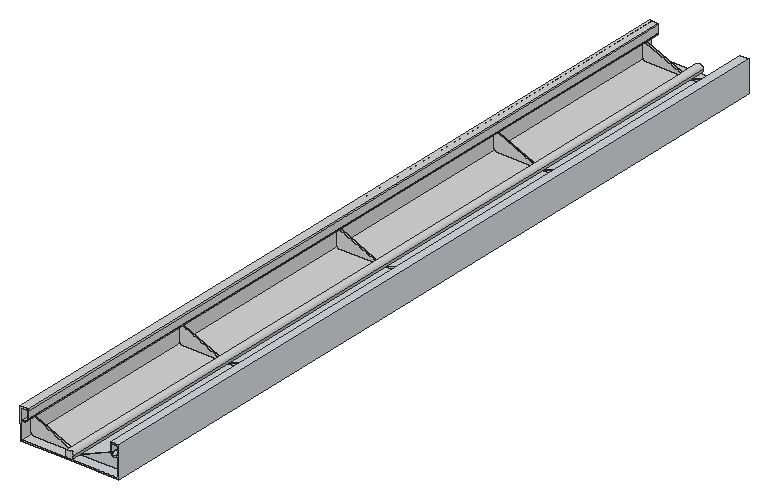
Revit family "ML_ML HINGED INSIDE CORNER 8'_1920130", category Generic Models, Revit 2018
Family settings
  Can host rebar = No
  Round Connector Dimension = Use Diameter
  Part Type = Normal
  OmniClass Number = 35.51.14.00
  OmniClass Title = FORMWORK
  Work Plane-Based = Yes
  Always vertical = No
  Cut with Voids When Loaded = No
  Shared = Yes
  Room Calculation Point = No
Parameters
  VERSION = "20190101"  # constant formula
  URL = "www.ulmaconstruction.com/en"
  UNICLASS = ""
  REAL ANGLE [instance] = if(ANGLE > 66.00°, ANGLE, 66.00°)  # 180.00°
  ITEM_CODE = "1920130"
  Manufacturer = "ULMA CONSTRUCTION"  # constant formula
  INSERTION PLANE [instance] = if(REAL ANGLE = 180.00°, 0.000 mm, (16.500 mm * sin(90.00° - REAL ANGLE) + 16.500 mm) * tan(90.00° - REAL ANGLE) + 16.500 mm * cos(90.00° - REAL ANGLE))  # 0.000 mm
  FILTER [instance] = ""
  Default Elevation = 0.000 mm
  CLASSIFICATION_TITLE = ""
  CLASSIFICATION_NUMBER = ""
  ANGLE [instance] = 180.00°
Reference planes
  plane 1 "Centro (Frontal/Posterior)": y = 0
  plane 2: z = 0
  plane 3 "Centro (Izquierda/Derecha)": x = 0
  plane 4 "ITEM_HEIGHT": y = 2438.4
  plane 5 "CENTER": z = 16.5
  plane 6 "INSERTION PLANE": x = 0
Forms (mm)
  Extrusion 1, solid, material "ULMA ZINC", detail levels fine
    sketch origin (0, 0, 0) x (1, 0, 0) y (0, 0, 1)
      loop
        circle (0, 16.5) r 12.5
    from -2438.4 to 0
  Extrusion 2, solid, material "ULMA ZINC", detail levels fine
    sketch origin (0, 0, 0) x (1, 0, 0) y (0, 0, 1)
      loop
        line (0, 4) -> (-148.4, 4) -> (-148.4, 92.5) -> (-127.4, 92.5) -> (-127.4, 96.5) -> (-152.4, 96.5) -> (-152.4, 0) -> (0, 0) -> (0, 4)
    from -2438.4 to 0
  Extrusion 3, solid, material "ULMA ZINC", detail levels fine
    sketch origin (0, 0, 0) x (1, 0, 0) y (0, 0, 1)
      loop
        arc (-129.9, 68.571) -> (-130.09, 67.614) -> (-130.632, 66.803) r 2.5
        line (-130.632, 66.803) -> (-136.703, 60.732)
        arc (-136.703, 60.732) -> (-137.514, 60.19) -> (-138.471, 60) r 2.5
        line (-138.471, 60) -> (-148.4, 60) -> (-148.4, 57.5) -> (-138.471, 57.5)
        arc (-138.471, 57.5) -> (-136.558, 57.881) -> (-134.936, 58.964) r 5
        line (-134.936, 58.964) -> (-128.864, 65.036)
        arc (-128.864, 65.036) -> (-127.781, 66.658) -> (-127.4, 68.571) r 5
        line (-127.4, 68.571) -> (-127.4, 92.5) -> (-129.9, 92.5) -> (-129.9, 68.571)
    from -2438.4 to 0
  Extrusion 4, solid, material "ULMA ZINC", detail levels fine
    sketch origin (0, 0, 0) x (1, 0, 0) y (0, 0, 1)
      loop
        line (-148.4, 14) -> (-138.4, 4) -> (-8.4, 4) -> (-134.9, 57.5) -> (-148.4, 57.5) -> (-148.4, 14)
    from -33 to -37
  Extrusion 5, solid, material "ULMA ZINC", detail levels fine
    sketch origin (0, 0, 0) x (1, 0, 0) y (0, 0, 1)
      loop
        line (-148.4, 14) -> (-138.4, 4) -> (-8.4, 4) -> (-134.9, 57.5) -> (-148.4, 57.5) -> (-148.4, 14)
    from -607.6 to -611.6
  Extrusion 6, solid, material "ULMA ZINC", detail levels fine
    sketch origin (0, 0, 0) x (1, 0, 0) y (0, 0, 1)
      loop
        line (-148.4, 14) -> (-138.4, 4) -> (-8.4, 4) -> (-134.9, 57.5) -> (-148.4, 57.5) -> (-148.4, 14)
    from -1217.2 to -1221.2
  Extrusion 7, solid, material "ULMA ZINC", detail levels fine
    sketch origin (0, 0, 0) x (1, 0, 0) y (0, 0, 1)
      loop
        line (-148.4, 14) -> (-138.4, 4) -> (-8.4, 4) -> (-134.9, 57.5) -> (-148.4, 57.5) -> (-148.4, 14)
    from -1826.8 to -1830.8
  Extrusion 8, solid, material "ULMA ZINC", detail levels fine
    sketch origin (0, 0, 0) x (1, 0, 0) y (0, 0, 1)
      loop
        line (-148.4, 14) -> (-138.4, 4) -> (-8.4, 4) -> (-134.9, 57.5) -> (-148.4, 57.5) -> (-148.4, 14)
    from -2401.4 to -2405.4
Lines and regions (mm)
  model lines, style "ULMA PANELS", detail levels medium
    curve 1: line (0, 2438.4, 0) -> (-152.4, 2438.4, 0)
    curve 2: line (-152.4, 2438.4, 0) -> (-152.4, 0, 0)
    curve 3: line (-152.4, 0, 0) -> (0, 0, 0)
    curve 4: line (0, 0, 0) -> (0, 2438.4, 0)
    curve 5: line (-152.4, 0, 0) -> (-152.4, 0, 96.5)
    curve 6: line (-152.4, 0, 96.5) -> (-152.4, 2438.4, 96.5)
    curve 7: line (-152.4, 2438.4, 96.5) -> (-152.4, 2438.4, 0)
  model lines, style "ULMA PANELS", detail levels fine
    curve 8: circle (-152.4, 152.4, 38.1) r 10 normal (1, 0, 0)
    curve 9: circle (-148.4, 152.4, 38.1) r 10 normal (1, 0, 0)
    curve 10: circle (-152.4, 457.2, 38.1) r 10 normal (1, 0, 0)
    curve 11: circle (-152.4, 762, 38.1) r 10 normal (1, 0, 0)
    curve 12: circle (-152.4, 1066.8, 38.1) r 10 normal (1, 0, 0)
    curve 13: circle (-148.4, 457.2, 38.1) r 10 normal (1, 0, 0)
    curve 14: circle (-148.4, 762, 38.1) r 10 normal (1, 0, 0)
    curve 15: circle (-148.4, 1066.8, 38.1) r 10 normal (1, 0, 0)
    curve 17: circle (-152.4, 1371.6, 38.1) r 10 normal (1, 0, 0)
    curve 18: circle (-152.4, 1676.4, 38.1) r 10 normal (1, 0, 0)
    curve 19: circle (-152.4, 1981.2, 38.1) r 10 normal (1, 0, 0)
    curve 20: circle (-152.4, 2286, 38.1) r 10 normal (1, 0, 0)
    curve 21: circle (-148.4, 1371.6, 38.1) r 10 normal (1, 0, 0)
    curve 22: circle (-148.4, 1676.4, 38.1) r 10 normal (1, 0, 0)
    curve 23: circle (-148.4, 1981.2, 38.1) r 10 normal (1, 0, 0)
    curve 24: circle (-148.4, 2286, 38.1) r 10 normal (1, 0, 0)
  reference lines
    curve 16: line (0, 0, 16.5) -> (311.15, 0, 16.5)
Dimensions and locks
  locked: plane 1 "Centro (Frontal/Posterior)" to plane 4 "ITEM_HEIGHT" at 2438.4
  locked: curve 8 to plane 1 "Centro (Frontal/Posterior)" at 152.4
  locked: curve 9 to plane 1 "Centro (Frontal/Posterior)" at 152.4
  "INSERTION PLANE": plane 6 "INSERTION PLANE" to plane 3 "Centro (Izquierda/Derecha)"
  "REAL ANGLE": angle curve 16 to plane 5 "CENTER"
  aligned and locked: level to plane 2
  aligned and locked: plane 4 "ITEM_HEIGHT" to Extrusion 1
  aligned and locked: plane 1 "Centro (Frontal/Posterior)" to Extrusion 1
  aligned and locked: plane 3 "Centro (Izquierda/Derecha)" to curve 16
  aligned and locked: plane 5 "CENTER" to curve 16
  aligned and locked: plane 4 "ITEM_HEIGHT" to Extrusion 2
  aligned and locked: plane 4 "ITEM_HEIGHT" to Extrusion 3
  aligned and locked: plane 4 "ITEM_HEIGHT" to nested 1
Automatic sketch dimensions
  curve 1 to plane 4 "ITEM_HEIGHT" = 0.000 mm
  plane 1 "Centro (Frontal/Posterior)" to curve 2 = 0.000 mm
  curve 3 to plane 3 "Centro (Izquierda/Derecha)" = 0.000 mm
  curve 3 to curve 3 = 152.400 mm
  Extrusion 1 sketch curve to plane 3 "Centro (Izquierda/Derecha)" = 0.000 mm
  Extrusion 1 sketch curve to plane 5 "CENTER" = 0.000 mm
  Extrusion 2 sketch curve to level = 0.000 mm
  Extrusion 2 sketch curve to plane 3 "Centro (Izquierda/Derecha)" = 0.000 mm
  plane 3 "Centro (Izquierda/Derecha)" to Extrusion 2 sketch curve = 127.400 mm
  Extrusion 2 sketch curve to level = 4.000 mm
  Extrusion 2 sketch curve to Extrusion 2 sketch curve = 21.000 mm
  Extrusion 2 sketch curve to Extrusion 2 sketch curve = 4.000 mm  (x2)
  Extrusion 2 sketch curve to Extrusion 2 sketch curve = 88.500 mm
  Extrusion 3 sketch curve to Extrusion 3 sketch curve = 0.000 mm  (x4)
  Extrusion 3 sketch curve to level = 60.000 mm
  plane 3 "Centro (Izquierda/Derecha)" to Extrusion 3 sketch curve = 148.400 mm
  Extrusion 3 sketch curve to Extrusion 3 sketch curve = 9.929 mm
  Extrusion 3 sketch curve to level = 60.732 mm
  Extrusion 3 sketch curve to Extrusion 3 sketch curve = 1.768 mm  (x4)
  Extrusion 3 sketch curve to level = 58.964 mm
  Extrusion 3 sketch curve to Extrusion 3 sketch curve = 6.071 mm
  Extrusion 3 sketch curve to level = 66.803 mm
  Extrusion 3 sketch curve to Extrusion 3 sketch curve = 2.500 mm  (x2)
  Extrusion 3 sketch curve to Extrusion 3 sketch curve = 23.929 mm
  Extrusion 4 sketch curve to level = 14.000 mm
  plane 3 "Centro (Izquierda/Derecha)" to Extrusion 4 sketch curve = 148.400 mm
  Extrusion 4 sketch curve to level = 4.000 mm
  Extrusion 4 sketch curve to Extrusion 4 sketch curve = 10.000 mm
  Extrusion 4 sketch curve to Extrusion 4 sketch curve = 13.500 mm
  plane 3 "Centro (Izquierda/Derecha)" to Extrusion 4 sketch curve = 8.400 mm
  Extrusion 4 sketch curve to Extrusion 4 sketch curve = 43.500 mm
  Extrusion 5 sketch curve to level = 14.000 mm
  plane 3 "Centro (Izquierda/Derecha)" to Extrusion 5 sketch curve = 148.400 mm
  Extrusion 5 sketch curve to level = 4.000 mm
  Extrusion 5 sketch curve to Extrusion 5 sketch curve = 10.000 mm
  Extrusion 5 sketch curve to Extrusion 5 sketch curve = 13.500 mm
  plane 3 "Centro (Izquierda/Derecha)" to Extrusion 5 sketch curve = 8.400 mm
  Extrusion 5 sketch curve to Extrusion 5 sketch curve = 43.500 mm
  Extrusion 6 sketch curve to level = 14.000 mm
  plane 3 "Centro (Izquierda/Derecha)" to Extrusion 6 sketch curve = 148.400 mm
  Extrusion 6 sketch curve to level = 4.000 mm
  Extrusion 6 sketch curve to Extrusion 6 sketch curve = 10.000 mm
  Extrusion 6 sketch curve to Extrusion 6 sketch curve = 13.500 mm
  plane 3 "Centro (Izquierda/Derecha)" to Extrusion 6 sketch curve = 8.400 mm
  Extrusion 6 sketch curve to Extrusion 6 sketch curve = 43.500 mm
  Extrusion 7 sketch curve to level = 14.000 mm
  plane 3 "Centro (Izquierda/Derecha)" to Extrusion 7 sketch curve = 148.400 mm
  Extrusion 7 sketch curve to level = 4.000 mm
  Extrusion 7 sketch curve to Extrusion 7 sketch curve = 10.000 mm
  Extrusion 7 sketch curve to Extrusion 7 sketch curve = 13.500 mm
  plane 3 "Centro (Izquierda/Derecha)" to Extrusion 7 sketch curve = 8.400 mm
  Extrusion 7 sketch curve to Extrusion 7 sketch curve = 43.500 mm
  Extrusion 8 sketch curve to level = 14.000 mm
  plane 3 "Centro (Izquierda/Derecha)" to Extrusion 8 sketch curve = 148.400 mm
  Extrusion 8 sketch curve to level = 4.000 mm
  Extrusion 8 sketch curve to Extrusion 8 sketch curve = 10.000 mm
  Extrusion 8 sketch curve to Extrusion 8 sketch curve = 13.500 mm
  plane 3 "Centro (Izquierda/Derecha)" to Extrusion 8 sketch curve = 8.400 mm
  Extrusion 8 sketch curve to Extrusion 8 sketch curve = 43.500 mm
  curve 7 to level = 0.000 mm
  curve 5 to level = 0.000 mm
  curve 6 to plane 4 "ITEM_HEIGHT" = 0.000 mm
  curve 6 to plane 1 "Centro (Frontal/Posterior)" = 0.000 mm
  plane 5 "CENTER" to curve 6 = 80.000 mm
  plane 5 "CENTER" to curve 9 = 21.600 mm
  plane 5 "CENTER" to curve 13 = 21.600 mm
  curve 9 to curve 13 = 304.800 mm
  plane 5 "CENTER" to curve 14 = 21.600 mm
  curve 13 to curve 14 = 304.800 mm
  plane 5 "CENTER" to curve 15 = 21.600 mm
  curve 14 to curve 15 = 304.800 mm
  plane 5 "CENTER" to curve 21 = 21.600 mm
  curve 15 to curve 21 = 304.800 mm
  plane 5 "CENTER" to curve 22 = 21.600 mm
  curve 21 to curve 22 = 304.800 mm
  plane 5 "CENTER" to curve 23 = 21.600 mm
  curve 22 to curve 23 = 304.800 mm
  plane 5 "CENTER" to curve 24 = 21.600 mm
  curve 24 to plane 4 "ITEM_HEIGHT" = 152.400 mm
  plane 5 "CENTER" to curve 8 = 21.600 mm
  plane 5 "CENTER" to curve 10 = 21.600 mm
  curve 8 to curve 10 = 304.800 mm
  plane 5 "CENTER" to curve 11 = 21.600 mm
  curve 10 to curve 11 = 304.800 mm
  plane 5 "CENTER" to curve 12 = 21.600 mm
  curve 11 to curve 12 = 304.800 mm
  plane 5 "CENTER" to curve 17 = 21.600 mm
  curve 12 to curve 17 = 304.800 mm
  plane 5 "CENTER" to curve 18 = 21.600 mm
  curve 17 to curve 18 = 304.800 mm
  plane 5 "CENTER" to curve 19 = 21.600 mm
  curve 18 to curve 19 = 304.800 mm
  plane 5 "CENTER" to curve 20 = 21.600 mm
  curve 20 to plane 4 "ITEM_HEIGHT" = 152.400 mm
  radius of Extrusion 1 sketch curve = 12.500 mm
  radius of curve 9 = 10.000 mm
  radius of curve 13 = 10.000 mm
  radius of curve 14 = 10.000 mm
  radius of curve 15 = 10.000 mm
  radius of curve 21 = 10.000 mm
  radius of curve 22 = 10.000 mm
  radius of curve 23 = 10.000 mm
  radius of curve 24 = 10.000 mm
  radius of curve 8 = 10.000 mm
  radius of curve 10 = 10.000 mm
  radius of curve 11 = 10.000 mm
  radius of curve 12 = 10.000 mm
  radius of curve 17 = 10.000 mm
  radius of curve 18 = 10.000 mm
  radius of curve 19 = 10.000 mm
  radius of curve 20 = 10.000 mm
Nested families
  nested 1: "LATERAL - 1920159_PANELS" at (0, 0, 0) x (-1, 0, 0) z (0, 0, -1), type "LATERAL - 1920159_PANELS"
    with FILTER ""
Definition of nested family "LATERAL - 1920159_PANELS"
  Parameters (values of type "LATERAL - 1920159_PANELS")
    VERSION = "20190101"  # constant formula
    URL = "www.ulmaconstruction.com/en"
    UNICLASS = ""
    Manufacturer = "ULMA CONSTRUCTION"  # constant formula
    FILTER [instance] = ""
    Default Elevation = 0.000 mm
    CLASSIFICATION_TITLE = ""
    CLASSIFICATION_NUMBER = ""
  Reference planes
    plane 1 "Centro (Frontal/Posterior)": y = 0
    plane 2: z = 0
    plane 3 "Centro (Izquierda/Derecha)": x = 0
    plane 4 "ITEM_HEIGHT": y = 2438.4
  Forms (mm)
    Extrusion 1, solid, detail levels fine
      sketch origin (0, 0, 0) x (1, 0, 0) y (0, 0, 1)
        loop
          line (0, -4) -> (0, 0) -> (-152.4, 0) -> (-152.4, -96.5) -> (-127.4, -96.5) -> (-127.4, -92.5) -> (-148.4, -92.5) -> (-148.4, -4) -> (0, -4)
      from -2438.4 to 0
    Extrusion 2, solid, detail levels fine
      sketch origin (0, 0, 0) x (1, 0, 0) y (0, 0, 1)
        loop
          line (-129.9, -68.571) -> (-129.9, -92.5) -> (-127.4, -92.5) -> (-127.4, -68.571)
          arc (-127.4, -68.571) -> (-127.781, -66.658) -> (-128.864, -65.036) r 5
          line (-128.864, -65.036) -> (-134.936, -58.964)
          arc (-134.936, -58.964) -> (-136.558, -57.881) -> (-138.471, -57.5) r 5
          line (-138.471, -57.5) -> (-148.4, -57.5) -> (-148.4, -60) -> (-138.471, -60)
          arc (-138.471, -60) -> (-137.514, -60.19) -> (-136.703, -60.732) r 2.5
          line (-136.703, -60.732) -> (-130.632, -66.803)
          arc (-130.632, -66.803) -> (-130.09, -67.614) -> (-129.9, -68.571) r 2.5
      from -2438.4 to 0
    Extrusion 3, solid, detail levels fine
      sketch origin (0, 0, 0) x (1, 0, 0) y (0, 0, 1)
        loop
          line (-148.4, -14) -> (-148.4, -57.5) -> (-134.9, -57.5) -> (-8.4, -4) -> (-138.4, -4) -> (-148.4, -14)
      from -33 to -37
    Extrusion 4, solid, detail levels fine
      sketch origin (0, 0, 0) x (1, 0, 0) y (0, 0, 1)
        loop
          line (-148.4, -14) -> (-148.4, -57.5) -> (-134.9, -57.5) -> (-8.4, -4) -> (-138.4, -4) -> (-148.4, -14)
      from -607.6 to -611.6
    Extrusion 5, solid, detail levels fine
      sketch origin (0, 0, 0) x (1, 0, 0) y (0, 0, 1)
        loop
          line (-148.4, -14) -> (-148.4, -57.5) -> (-134.9, -57.5) -> (-8.4, -4) -> (-138.4, -4) -> (-148.4, -14)
      from -2401.4 to -2405.4
    Extrusion 6, solid, detail levels fine
      sketch origin (0, 0, 0) x (1, 0, 0) y (0, 0, 1)
        loop
          line (-148.4, -14) -> (-148.4, -57.5) -> (-134.9, -57.5) -> (-8.4, -4) -> (-138.4, -4) -> (-148.4, -14)
      from -1217.2 to -1221.2
    Extrusion 7, solid, detail levels fine
      sketch origin (0, 0, 0) x (1, 0, 0) y (0, 0, 1)
        loop
          line (-148.4, -14) -> (-148.4, -57.5) -> (-134.9, -57.5) -> (-8.4, -4) -> (-138.4, -4) -> (-148.4, -14)
      from -1826.8 to -1830.8
  Cuts and joins
    joined: Extrusion 1, Extrusion 2
  Lines and regions (mm)
    model lines, detail levels medium
      curve 1: line (0, 2438.4, 0) -> (-152.4, 2438.4, 0)
      curve 2: line (-152.4, 2438.4, 0) -> (-152.4, 0, 0)
      curve 3: line (-152.4, 0, 0) -> (0, 0, 0)
      curve 4: line (0, 0, 0) -> (0, 2438.4, 0)
      curve 5: line (-152.4, 0, 0) -> (-152.4, 0, -96.5)
      curve 6: line (-152.4, 0, -96.5) -> (-152.4, 2438.4, -96.5)
      curve 7: line (-152.4, 2438.4, -96.5) -> (-152.4, 2438.4, 0)
    model lines, detail levels fine
      curve 8: circle (-152.4, 152.4, -38.1) r 10 normal (1, 0, 0)
      curve 9: circle (-148.4, 152.4, -38.1) r 10 normal (1, 0, 0)
      curve 10: circle (-152.4, 457.2, -38.1) r 10 normal (1, 0, 0)
      curve 11: circle (-152.4, 762, -38.1) r 10 normal (1, 0, 0)
      curve 12: circle (-152.4, 1066.8, -38.1) r 10 normal (1, 0, 0)
      curve 13: circle (-152.4, 1371.6, -38.1) r 10 normal (1, 0, 0)
      curve 14: circle (-152.4, 1676.4, -38.1) r 10 normal (1, 0, 0)
      curve 15: circle (-152.4, 1981.2, -38.1) r 10 normal (1, 0, 0)
      curve 16: circle (-152.4, 2286, -38.1) r 10 normal (1, 0, 0)
      curve 17: circle (-148.4, 457.2, -38.1) r 10 normal (1, 0, 0)
      curve 18: circle (-148.4, 762, -38.1) r 10 normal (1, 0, 0)
      curve 19: circle (-148.4, 1066.8, -38.1) r 10 normal (1, 0, 0)
      curve 20: circle (-148.4, 1371.6, -38.1) r 10 normal (1, 0, 0)
      curve 21: circle (-148.4, 1676.4, -38.1) r 10 normal (1, 0, 0)
      curve 22: circle (-148.4, 1981.2, -38.1) r 10 normal (1, 0, 0)
      curve 23: circle (-148.4, 2286, -38.1) r 10 normal (1, 0, 0)
  Dimensions and locks
    plane 1 "Centro (Frontal/Posterior)" to plane 4 "ITEM_HEIGHT" = 2438.400 mm
    locked: curve 8 to plane 1 "Centro (Frontal/Posterior)" at 152.4
    locked: curve 9 to plane 1 "Centro (Frontal/Posterior)" at 152.4
    aligned and locked: level to plane 2
    aligned and locked: plane 1 "Centro (Frontal/Posterior)" to Extrusion 1
    aligned and locked: plane 1 "Centro (Frontal/Posterior)" to Extrusion 2
    aligned and locked: plane 4 "ITEM_HEIGHT" to Extrusion 1
    aligned and locked: plane 4 "ITEM_HEIGHT" to Extrusion 2
